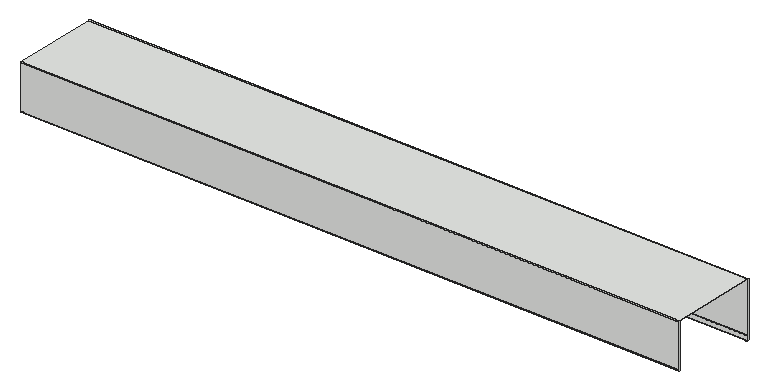
Revit family "profiles PR842 2015", category Generic Models, Revit 2015
Parameters (values of type "ISOLAMIN PR842 flashing")
  Profile Length [instance] = 1180 mm
Reference planes
  plane 1 "Center (Front/Back)": y = 0
  plane 2: z = 0
  plane 3 "Center (Left/Right)": x = 0
  plane 4: x = 1180
Forms (mm)
  Extrusion 1, solid, material "ISOLAMIN Surface Material"
    sketch origin (0, 49.81, -52.404) x (0, 1, 0) y (0, 0, 1)
      loop
        line (-49.788, 53.234) -> (-49.788, 151.49)
        arc (-49.788, 151.49) -> (-50.081, 152.197) -> (-50.788, 152.49) r 1
        line (-50.788, 152.49) -> (-203.787, 152.49)
        arc (-203.787, 152.49) -> (-204.494, 152.197) -> (-204.787, 151.49) r 1
        line (-204.787, 151.49) -> (-204.787, 73.234)
        arc (-204.787, 73.234) -> (-203.787, 72.49) -> (-202.787, 73.234) r 1.044
        line (-202.787, 73.234) -> (-202.787, 81.79) -> (-203.787, 81.79) -> (-203.787, 151.49) -> (-50.788, 151.49) -> (-50.788, 61.79) -> (-51.788, 61.79) -> (-51.788, 53.234)
        arc (-51.788, 53.234) -> (-50.788, 52.49) -> (-49.788, 53.234) r 1.044
    from 0 to 1180
Dimensions and locks
  "Profile Length": plane 3 "Center (Left/Right)" to plane 4
  aligned and locked: level to plane 2
  aligned and locked: plane 4 to Extrusion 1
Automatic sketch dimensions
  plane 1 "Center (Front/Back)" to Extrusion 1 sketch curve = 0.978 mm
  level to Extrusion 1 sketch curve = 9.386 mm
  Extrusion 1 sketch curve to Extrusion 1 sketch curve = 1 mm  (x4)
  Extrusion 1 sketch curve to Extrusion 1 sketch curve = 8.556 mm  (x2)
  Extrusion 1 sketch curve to Extrusion 1 sketch curve = 89.7 mm
  Extrusion 1 sketch curve to Extrusion 1 sketch curve = 0 mm  (x5)
  Extrusion 1 sketch curve to Extrusion 1 sketch curve = 0.3 mm  (x2)
  Extrusion 1 sketch curve to Extrusion 1 sketch curve = 153 mm
  level to Extrusion 1 sketch curve = 20.83 mm
